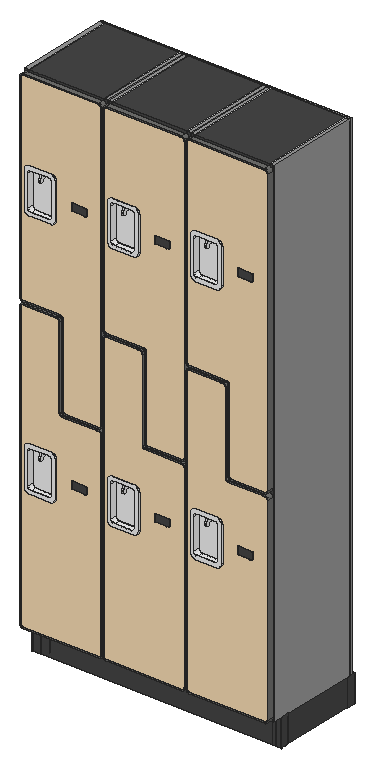
Revit family "Wood_Lockers-Salsbury_Industries-37000_Series-3_Wide_Units", category Specialty Equipment, Revit 2016 (continued)
Definition of nested family "Wood Locker Side Panels-With Slope"
  Automatic sketch dimensions
    plane 12 "Right Side of Wood" to Extrusion 1 sketch curve = 0.125"
    Extrusion 1 sketch curve to Extrusion 1 sketch curve = 0.125"
    plane 12 "Right Side of Wood" to Extrusion 1 sketch curve = 0.03661"
    plane 14 "Top of Wood" to Extrusion 1 sketch curve = 0.125"
Definition of nested family "Wood Locker Double Side Panels-No Slope"
  Parameters (values of type "33330DE - 6' H for 15"D Lockers")
    Width = 29.250"
    Visible = yes
    Version = "1.0 (2/29/16)"
    Type Comments = "Double End Panel for Designer Wood Lockers"
    Model = "33330DE"
    Manufacturer = "Salsbury Industries"
    Laminate Surface = none
    Height = 72.000"
    Door Trim = none
    Description = "For 6' H x 15\" D without Sloping Hood"
    Depth = 0.750"
  Types (11): name | Width | Visible | Version | Type Comments | Model | Manufacturer | Height | Description
    (no name) | 29.250" | yes | "1.0 (2/29/16)" | "Double End Panel for Designer Wood Lockers" | "33330DE" | "Salsbury Industries" | 72.000" | "For 6' H x 15\" D without Sloping Hood"
    33330DE - 6' H for 15"D Lockers | 29.250" | yes | "1.0 (2/29/16)" | "Double End Panel for Designer Wood Lockers" | "33330DE" | "Salsbury Industries" | 72.000" | "For 6' H x 15\" D without Sloping Hood"
    33333DE - 6' H for 18" D Lockers | 35.250" | yes | "1.0 (2/29/16)" | "Double End Panel for Designer Wood Lockers" | "33333DE" | "Salsbury Industries" | 72.000" | "For 6' H x 18\" D without Sloping Hood"
    33335DE - 6' H for 21" D Lockers | 41.250" | yes | "1.0 (2/29/16)" | "Double End Panel for Designer Wood Lockers" | "33335DE" | "Salsbury Industries" | 72.000" | "For 6' H x 21\" D without Sloping Hood"
    22238 - 6' H for 24" D Lockers | 47.250" | yes | "1.0 (2/29/16)" | "Double End Panel for Designer Wood Lockers" | "22238DE" | "Salsbury Industries" | 72.000" | "For 6' H x 24\" D  without Sloping Hood"
    33300DE - 5' H for 15" D Lockers | 29.250" | yes | "1.0 (2/29/16)" | "Double End Panel for Designer Wood Lockers" | "33300DE" | "Salsbury Industries" | 60.000" | "For 5' H x 21\" D without Sloping Hood"
    33303DE - 5' H for 18" D Lockers | 35.250" | yes | "1.0 (2/29/16)" | "Double End Panel for Designer Wood Lockers" | "33303DE" | "Salsbury Industries" | 60.000" | "For 5' H x 18\" D without Sloping Hood"
    33305DE - 5' H for 21" D Lockers | 41.250" | yes | "1.0 (2/29/16)" | "Double End Panel for Designer Wood Lockers" | "33305DE" | "Salsbury Industries" | 60.000" | "For 5' H x 21\" D without Sloping Hood"
    None | 14.000" | no | "" | "" | "" | "" | 72.000" | ""
    22243 - 6' H for 18" D Lockers | 35.250" | yes | "1.0 (2/29/16)" | "Double End Panel for Extra Wide Designer Wood Lockers" | "22243" | "Salsbury Industries" | 72.000" | "For 6' H x 18\" D without Sloping Hood"
    22245 - 6' H for 21" D Lockers | 41.250" | yes | "1.0 (2/29/16)" | "Double End Panel for Extra Wide Designer Wood Lockers" | "22245" | "Salsbury Industries" | 72.000" | "For 6' H x 21\" D without Sloping Hood"
  Reference planes (in)
    plane 1 "Center (Front/Back)": y = 0
    plane 2: z = 0
    plane 3 "Center (Left/Right)": x = 0
    plane 4 "Back": y = 0.375
    plane 5 "Front": y = -0.375
    plane 6 "Left Side": x = -14.625
    plane 7 "Right Side": x = 14.625
    plane 8 "Bottom": z = 0
    plane 9 "Top": z = 72
    plane 10 "Center Elevation": z = 36
    plane 11 "Wood - Laminate Edge": y = -0.344
    plane 12 "Right Side of Wood": x = 14.5
    plane 13 "Left Side of Wood": x = -14.5
    plane 14 "Top of Wood": z = 71.875
    plane 15 "Bottom of Wood": z = 0.125
  Forms (in)
    Extrusion 1, solid, visible <- "Visible"
      sketch origin (0, 0.375, 0) x (1, 0, 0) y (0, 0, 1)
        loop
          line (-14.5, 71.75) -> (-14.5, 0.25)
          arc (-14.5, 0.25) -> (-14.4633883, 0.1616117) -> (-14.375, 0.125) r 0.125
          line (-14.375, 0.125) -> (14.375, 0.125)
          arc (14.375, 0.125) -> (14.4633883, 0.1616117) -> (14.5, 0.25) r 0.125
          line (14.5, 0.25) -> (14.5, 71.75)
          arc (14.5, 71.75) -> (14.4633883, 71.8383883) -> (14.375, 71.875) r 0.125
          line (14.375, 71.875) -> (-14.375, 71.875)
          arc (-14.375, 71.875) -> (-14.4633883, 71.8383883) -> (-14.5, 71.75) r 0.125
      from 0 to 0.719
    Extrusion 2, solid, material <- "Laminate Surface", visible <- "Visible"
      sketch origin (0, -0.375, 0) x (1, 0, 0) y (0, 0, 1)
        loop
          line (-14.5, 71.75) -> (-14.5, 0.25)
          arc (-14.5, 0.25) -> (-14.4633883, 0.1616117) -> (-14.375, 0.125) r 0.125
          line (-14.375, 0.125) -> (14.375, 0.125)
          arc (14.375, 0.125) -> (14.4633883, 0.1616117) -> (14.5, 0.25) r 0.125
          line (14.5, 0.25) -> (14.5, 71.75)
          arc (14.5, 71.75) -> (14.4633883, 71.8383883) -> (14.375, 71.875) r 0.125
          line (14.375, 71.875) -> (-14.375, 71.875)
          arc (-14.375, 71.875) -> (-14.4633883, 71.8383883) -> (-14.5, 71.75) r 0.125
      from -0.031 to 0
    Sweep 3, solid, material <- "Door Trim", visible <- "Visible"
      path origin (0, -0.375, 0) x (1, 0, 0) y (0, 0, 1)
        loop
          line (-14.5, 71.75) -> (-14.5, 0.25)
          arc (-14.5, 0.25) -> (-14.4633883, 0.1616117) -> (-14.375, 0.125) r 0.125
          line (-14.375, 0.125) -> (14.375, 0.125)
          arc (14.375, 0.125) -> (14.4633883, 0.1616117) -> (14.5, 0.25) r 0.125
          line (14.5, 0.25) -> (14.5, 71.75)
          arc (14.5, 71.75) -> (14.4633883, 71.8383883) -> (14.375, 71.875) r 0.125
          line (14.375, 71.875) -> (-14.375, 71.875)
          arc (-14.375, 71.875) -> (-14.4633883, 71.8383883) -> (-14.5, 71.75) r 0.125
      profile origin (-14.4633883, -0.375, 71.8383883) x (-0.707107, 0, 0.707107) y (0, -1, 0)
        loop
          line (0, 0) -> (0, -0.75) -> (0.125, -0.75) -> (0.125, 0) -> (0, 0)
  Dimensions and locks (in)
    equal spacing: plane 6 "Left Side", plane 3 "Center (Left/Right)", plane 7 "Right Side"
    plane 5 "Front" to plane 1 "Center (Front/Back)" to plane 4 "Back" = 0.375", 0.375"
    "Width": plane 6 "Left Side" to plane 7 "Right Side"
    "Depth": plane 5 "Front" to plane 4 "Back"
    equal spacing: plane 9 "Top", plane 10 "Center Elevation", plane 8 "Bottom"
    "Height": plane 9 "Top" to plane 8 "Bottom"
    locked: plane 5 "Front" to plane 11 "Wood - Laminate Edge" at 0.031
    locked: plane 15 "Bottom of Wood" to plane 8 "Bottom" at 0.125
    locked: plane 12 "Right Side of Wood" to plane 7 "Right Side" at 0.125
    locked: plane 6 "Left Side" to plane 13 "Left Side of Wood" at 0.125
    locked: plane 9 "Top" to plane 14 "Top of Wood" at 0.125
    aligned and locked: level to plane 2
  Automatic sketch dimensions
    plane 13 "Left Side of Wood" to Extrusion 1 sketch curve = 0.000"
    Extrusion 1 sketch curve to plane 15 "Bottom of Wood" = 0.000"
    Extrusion 1 sketch curve to plane 14 "Top of Wood" = 0.000"
    plane 12 "Right Side of Wood" to Extrusion 1 sketch curve = 0.000"
    Extrusion 1 sketch curve to plane 13 "Left Side of Wood" = 0.125"  (x2)
    plane 12 "Right Side of Wood" to Extrusion 1 sketch curve = 0.125"  (x2)
    plane 13 "Left Side of Wood" to Extrusion 2 sketch curve = 0.000"
    Extrusion 2 sketch curve to plane 14 "Top of Wood" = 0.000"
    Extrusion 2 sketch curve to plane 15 "Bottom of Wood" = 0.000"
    plane 12 "Right Side of Wood" to Extrusion 2 sketch curve = 0.000"
    Extrusion 2 sketch curve to plane 13 "Left Side of Wood" = 0.125"  (x2)
    plane 12 "Right Side of Wood" to Extrusion 2 sketch curve = 0.125"
    Extrusion 2 sketch curve to Extrusion 2 sketch curve = 0.125"
    plane 13 "Left Side of Wood" to Sweep 3 sketch curve = 0.000"
    Sweep 3 sketch curve to plane 14 "Top of Wood" = 0.000"
    Sweep 3 sketch curve to plane 15 "Bottom of Wood" = 0.000"
    plane 12 "Right Side of Wood" to Sweep 3 sketch curve = 0.000"
    Sweep 3 sketch curve to plane 13 "Left Side of Wood" = 0.125"  (x2)
    plane 12 "Right Side of Wood" to Sweep 3 sketch curve = 0.125"
    Sweep 3 sketch curve to Sweep 3 sketch curve = 0.125"  (x2)
    Sweep 3 sketch curve to profile plane = 0.000"
    plane 5 "Front" to Sweep 3 sketch curve = 0.000"
    Sweep 3 sketch curve to plane 5 "Front" = 0.750"
Definition of nested family "Wood Locker Double Side Panels-With Slope"
  Parameters (values of type "33339DE - 6' H for 15"D Lockers")
    Width = 29.250"
    Visible = yes
    Version = "1.0 (2/29/16)"
    Type Comments = "Double End Panel for Designer Wood Lockers"
    Slope Height = 5.520"
    Model = "33339DE"
    Manufacturer = "Salsbury Industries"
    Laminate Surface = none
    Height = 72.153"
    Door Trim = none
    Description = "For 6' H x 15\" D Lockers with Sloping Hood"
    Depth = 0.750"
  Types (11): name | Width | Visible | Version | Type Comments | Slope Height | Model | Manufacturer | Height | Description
    (no name) | 29.250" | yes | "1.0 (2/29/16)" | "Double End Panel for Designer Wood Lockers" | 5.520" | "33339DE" | "Salsbury Industries" | 72.153" | "For 6' H x 15\" D Lockers with Sloping Hood"
    33339DE - 6' H for 15"D Lockers | 29.250" | yes | "1.0 (2/29/16)" | "Double End Panel for Designer Wood Lockers" | 5.520" | "33339DE" | "Salsbury Industries" | 72.153" | "For 6' H x 15\" D Lockers with Sloping Hood"
    33334DE - 6' H  for 18" D Lockers | 35.250" | yes | "1.0 (2/29/16)" | "Double End Panel for Designer Wood Lockers" | 6.645" | "33334DE" | "Salsbury Industries" | 72.153" | "For 6' H x 18\" D Lockers with Sloping Hood"
    33336DE - 6' H for 21" D Lockers | 41.250" | yes | "1.0 (2/29/16)" | "Double End Panel for Designer Wood Lockers" | 7.770" | "33336DE" | "Salsbury Industries" | 72.153" | "For 6' H x 21\" D Lockers with Sloping Hood"
    22247 - 6' H for 24" D Lockers | 47.250" | yes | "1.0 (2/29/16)" | "Double End Panel for Designer Wood Lockers" | 8.895" | "22247" | "Salsbury Industrries" | 72.153" | "For 6' H x 24\" D Lockers with Sloping Hood"
    33309DE - 5' H for 15" D Lockers | 29.250" | yes | "1.0 (2/29/16)" | "Double End Panel for Designer Wood Lockers" | 5.520" | "33309DE" | "Salsbury Industries" | 60.153" | "For 5' H x  15\" D Lockers with Sloping Hood"
    33304DE - 5' H for 18" D Lockers | 35.250" | yes | "1.0 (2/29/16)" | "Double End Panel for Designer Wood Lockers" | 6.645" | "33304DE" | "Salsbury Industries" | 60.153" | "For 5' H x 18\" D Lockers with Sloping Hood"
    33306DE - 5' H for 21" D Lockers | 41.250" | yes | "1.0 (2/29/16)" | "Double End Panel for Designer Wood Lockers" | 7.770" | "33306DE" | "Salsbury Industries" | 60.153" | "For 5' H x 21\" D Lockers with Sloping Hood"
    None | 14.000" | no | "" | "" | 5.500" | "" | "" | 72.000" | ""
    22244 - 6' H for 18" D Lockers | 35.250" | yes | "1.0 (2/29/16)" | "Double End Panel for Extra Wide Designer Wood Lockers" | 6.645" | "22244DE" | "Salsbury Industries" | 72.153" | "For 6' H x 18\" D Lockers with Sloping Hood"
    22246 - 6' H for 21" D Lockers | 41.250" | yes | "1.0 (2/29/16)" | "Double End Panel for Extra Wide Designer Wood Lockers" | 7.770" | "22246" | "Salsbury Industries" | 72.153" | "For 6' H x 21\" D Lockers with Sloping Hood"
  Reference planes (in)
    plane 1 "Center (Front/Back)": y = 0
    plane 2: z = 0
    plane 3 "Center (Left/Right)": x = 0
    plane 4 "Back": y = 0.375
    plane 5 "Front": y = -0.375
    plane 6 "Left Side": x = -14.625
    plane 7 "Right Side": x = 14.625
    plane 8 "Bottom": z = 0
    plane 9 "Top": z = 72.153
    plane 10 "Center Elevation": z = 36.0765
    plane 11 "Wood - Laminate Edge": y = -0.344
    plane 12 "Right Side of Wood": x = 14.5
    plane 13 "Left Side of Wood": x = -14.5
    plane 14 "Top of Wood": z = 72.028
    plane 15 "Bottom of Wood": z = 0.125
    plane 16: z = 77.673
    plane 17: z = 77.548
  Forms (in)
    Extrusion 1, solid, visible <- "Visible"
      sketch origin (0, 0.375, 0) x (1, 0, 0) y (0, 0, 1)
        loop
          line (14.5, 0.25) -> (14.5, 71.903)
          arc (14.5, 71.903) -> (14.4904849, 71.9508354) -> (14.4633883, 71.9913883) r 0.125
          line (14.4633883, 71.9913883) -> (0.1722396, 77.5387299)
          arc (0.1722396, 77.5387299) -> (0.1490703, 77.5456606) -> (0.125, 77.548) r 0.125
          line (0.125, 77.548) -> (-0.125, 77.548)
          arc (-0.125, 77.548) -> (-0.1490703, 77.5456606) -> (-0.1722396, 77.5387299) r 0.125
          line (-0.1722396, 77.5387299) -> (-14.4633883, 71.9913883)
          arc (-14.4633883, 71.9913883) -> (-14.4904849, 71.9508354) -> (-14.5, 71.903) r 0.125
          line (-14.5, 71.903) -> (-14.5, 0.25)
          arc (-14.5, 0.25) -> (-14.4633883, 0.1616117) -> (-14.375, 0.125) r 0.125
          line (-14.375, 0.125) -> (14.375, 0.125)
          arc (14.375, 0.125) -> (14.4633883, 0.1616117) -> (14.5, 0.25) r 0.125
      from 0 to 0.719
    Extrusion 2, solid, material <- "Laminate Surface", visible <- "Visible"
      sketch origin (0, -0.375, 0) x (1, 0, 0) y (0, 0, 1)
        loop
          line (14.5, 0.25) -> (14.5, 71.903)
          arc (14.5, 71.903) -> (14.4904849, 71.9508354) -> (14.4633883, 71.9913883) r 0.125
          line (14.4633883, 71.9913883) -> (0.1722396, 77.5387299)
          arc (0.1722396, 77.5387299) -> (0.1490703, 77.5456606) -> (0.125, 77.548) r 0.125
          line (0.125, 77.548) -> (-0.125, 77.548)
          arc (-0.125, 77.548) -> (-0.1490703, 77.5456606) -> (-0.1722396, 77.5387299) r 0.125
          line (-0.1722396, 77.5387299) -> (-14.4633883, 71.9913883)
          arc (-14.4633883, 71.9913883) -> (-14.4904849, 71.9508354) -> (-14.5, 71.903) r 0.125
          line (-14.5, 71.903) -> (-14.5, 0.25)
          arc (-14.5, 0.25) -> (-14.4633883, 0.1616117) -> (-14.375, 0.125) r 0.125
          line (-14.375, 0.125) -> (14.375, 0.125)
          arc (14.375, 0.125) -> (14.4633883, 0.1616117) -> (14.5, 0.25) r 0.125
      from -0.031 to 0
    Sweep 3, solid, material <- "Door Trim", visible <- "Visible"
      path origin (0, -0.375, 0) x (1, 0, 0) y (0, 0, 1)
        loop
          line (0.125, 77.548) -> (-0.125, 77.548)
          arc (-0.125, 77.548) -> (-0.1490703, 77.5456606) -> (-0.1722396, 77.5387299) r 0.125
          line (-0.1722396, 77.5387299) -> (-14.4633883, 71.9913883)
          arc (-14.4633883, 71.9913883) -> (-14.4904849, 71.9508354) -> (-14.5, 71.903) r 0.125
          line (-14.5, 71.903) -> (-14.5, 0.25)
          arc (-14.5, 0.25) -> (-14.4633883, 0.1616117) -> (-14.375, 0.125) r 0.125
          line (-14.375, 0.125) -> (14.375, 0.125)
          arc (14.375, 0.125) -> (14.4633883, 0.1616117) -> (14.5, 0.25) r 0.125
          line (14.5, 0.25) -> (14.5, 71.903)
          arc (14.5, 71.903) -> (14.4904849, 71.9508354) -> (14.4633883, 71.9913883) r 0.125
          line (14.4633883, 71.9913883) -> (0.1722396, 77.5387299)
          arc (0.1722396, 77.5387299) -> (0.1490703, 77.5456606) -> (0.125, 77.548) r 0.125
      profile origin (0.1490703, -0.375, 77.5456606) x (0.192562, 0, 0.981285) y (0, -1, 0)
        loop
          line (0, 0) -> (0, -0.75) -> (0.125, -0.75) -> (0.125, 0) -> (0, 0)
  Dimensions and locks (in)
    equal spacing: plane 6 "Left Side", plane 3 "Center (Left/Right)", plane 7 "Right Side"
    plane 5 "Front" to plane 1 "Center (Front/Back)" to plane 4 "Back" = 0.375", 0.375"
    "Width": plane 6 "Left Side" to plane 7 "Right Side"
    "Depth": plane 5 "Front" to plane 4 "Back"
    equal spacing: plane 9 "Top", plane 10 "Center Elevation", plane 8 "Bottom"
    "Height": plane 9 "Top" to plane 8 "Bottom"
    locked: plane 5 "Front" to plane 11 "Wood - Laminate Edge" at 0.031
    locked: plane 15 "Bottom of Wood" to plane 8 "Bottom" at 0.125
    locked: plane 12 "Right Side of Wood" to plane 7 "Right Side" at 0.125
    locked: plane 6 "Left Side" to plane 13 "Left Side of Wood" at 0.125
    locked: plane 9 "Top" to plane 14 "Top of Wood" at 0.125
    "Slope Height": plane 16 to plane 9 "Top"
    locked: plane 16 to plane 17 at 0.125
    aligned and locked: level to plane 2
  Automatic sketch dimensions
    Sweep 3 sketch curve to profile plane = 0.000"
    Sweep 3 sketch curve to plane 5 "Front" = 0.000"
    Sweep 3 sketch curve to Sweep 3 sketch curve = 0.125"  (x2)
    Sweep 3 sketch curve to plane 5 "Front" = 0.750"
    plane 13 "Left Side of Wood" to Sweep 3 sketch curve = 0.000"
    Sweep 3 sketch curve to plane 15 "Bottom of Wood" = 0.000"
    Sweep 3 sketch curve to plane 17 = 0.000"
    plane 12 "Right Side of Wood" to Sweep 3 sketch curve = 0.000"
    Sweep 3 sketch curve to plane 13 "Left Side of Wood" = 0.03661"
    Sweep 3 sketch curve to plane 13 "Left Side of Wood" = 0.125"  (x2)
    plane 17 to Sweep 3 sketch curve = 0.00927"  (x2)
    Sweep 3 sketch curve to plane 3 "Center (Left/Right)" = 0.17224"
    Sweep 3 sketch curve to plane 3 "Center (Left/Right)" = 0.125"
    plane 3 "Center (Left/Right)" to Sweep 3 sketch curve = 0.125"
    Sweep 3 sketch curve to Sweep 3 sketch curve = 0.04724"
    plane 12 "Right Side of Wood" to Sweep 3 sketch curve = 0.125"
    plane 12 "Right Side of Wood" to Sweep 3 sketch curve = 0.03661"
    plane 14 "Top of Wood" to Sweep 3 sketch curve = 0.125"  (x2)
    plane 13 "Left Side of Wood" to Extrusion 2 sketch curve = 0.000"
    Extrusion 2 sketch curve to plane 15 "Bottom of Wood" = 0.000"
    Extrusion 2 sketch curve to plane 17 = 0.000"
    plane 12 "Right Side of Wood" to Extrusion 2 sketch curve = 0.000"
    Extrusion 2 sketch curve to plane 13 "Left Side of Wood" = 0.03661"
    Extrusion 2 sketch curve to plane 13 "Left Side of Wood" = 0.125"  (x2)
    plane 17 to Extrusion 2 sketch curve = 0.00927"  (x2)
    Extrusion 2 sketch curve to plane 3 "Center (Left/Right)" = 0.17224"
    Extrusion 2 sketch curve to Extrusion 2 sketch curve = 0.04724"  (x2)
    plane 3 "Center (Left/Right)" to Extrusion 2 sketch curve = 0.125"
    plane 12 "Right Side of Wood" to Extrusion 2 sketch curve = 0.125"
    Extrusion 2 sketch curve to Extrusion 2 sketch curve = 0.125"
    plane 12 "Right Side of Wood" to Extrusion 2 sketch curve = 0.03661"
    plane 14 "Top of Wood" to Extrusion 2 sketch curve = 0.125"  (x2)
    plane 13 "Left Side of Wood" to Extrusion 1 sketch curve = 0.000"
    Extrusion 1 sketch curve to plane 15 "Bottom of Wood" = 0.000"
    Extrusion 1 sketch curve to plane 17 = 0.000"
    plane 12 "Right Side of Wood" to Extrusion 1 sketch curve = 0.000"
    Extrusion 1 sketch curve to plane 13 "Left Side of Wood" = 0.03661"
    Extrusion 1 sketch curve to plane 13 "Left Side of Wood" = 0.125"  (x2)
    plane 17 to Extrusion 1 sketch curve = 0.00927"  (x2)
    Extrusion 1 sketch curve to plane 3 "Center (Left/Right)" = 0.17224"
    Extrusion 1 sketch curve to Extrusion 1 sketch curve = 0.04724"  (x2)
    plane 3 "Center (Left/Right)" to Extrusion 1 sketch curve = 0.125"
    Extrusion 1 sketch curve to Extrusion 1 sketch curve = 0.125"  (x2)
    plane 12 "Right Side of Wood" to Extrusion 1 sketch curve = 0.03661"
    plane 14 "Top of Wood" to Extrusion 1 sketch curve = 0.125"  (x2)
Definition of nested family "Wood Locker Front Fillers"
  Parameters (values of type "33367 - 15" W for 6'H Lockers without Base")
    Width = 15.000"
    Visible Base = no
    Visible = yes
    Version = "1.0 (2/29/16)"
    Type Comments = "Front Vertical Filler for Designer Wood Lockers"
    Model = "33367"
    Manufacturer = "Salsbury Industries"
    Laminate Surface = none
    Height = 72.000"
    Description = "For 6' H Lockers"
    Depth = 0.750"
    Base Height = 0.000"
  Types (18): name | Width | Visible Base | Visible | Version | Type Comments | Model | Manufacturer | Height | Description | Base Height
    (no name) | 15.000" | no | yes | "1.0 (2/29/16)" | "Front Vertical Filler for Designer Wood Lockers" | "33367" | "Salsbury Industries" | 72.000" | "For 6' H Lockers" | 0.000"
    33367 - 15"W for 6' H Lockers with Base | 15.000" | yes | yes | "1.0 (2/29/16)" | "Front Vertical Filler for Designer Wood Lockers" | "33367" | "Salsbury Industries" | 72.000" | "For 6' H Lockers" | 4.000"
    None | 15.000" | no | no | "" | "" | "" | "" | 72.000" | "" | 4.000"
    33369 - 9" W for 6' H Lockers with Base | 9.000" | yes | yes | "1.0 (2/29/16)" | "Front Vertical Filler for Designer Wood Lockers" | "33369" | "Salsbury Industries" | 72.000" | "For 6' H Lockers" | 4.000"
    33367 - 15" W for 5' H Lockers with Base | 15.000" | yes | yes | "1.0 (2/29/16)" | "Front Vertical Filler for Designer Wood Lockers" | "33367" | "Salsbury Industries" | 60.000" | "For 5' H Lockers" | 4.000"
    33369 - 9" W for 5' H Lockers with Base | 9.000" | yes | yes | "1.0 (2/29/16)" | "Front Vertical Filler for Designer Wood Lockers" | "33369" | "Salsbury Industries" | 60.000" | "For 5' H Lockers" | 4.000"
    22265 - 15" W for 6' H Lockers with Base | 15.000" | yes | yes | "1.0 (2/29/16)" | "Front Vertical Filler for Extra Wide Designer Wood Lockers" | "22265" | "Salsbury Industries" | 72.000" | "For 6' H Lockers" | 4.000"
    22265 - 15" W for 5' H Lockers with Base | 15.000" | yes | yes | "1.0 (2/29/16)" | "Front Vertical Filler for Extra Wide Designer Wood Lockers" | "22265" | "Salsbury Industries" | 60.000" | "For 5' H Lockers" | 4.000"
    22269 - 9" W for 6' H Lockers with Base | 9.000" | yes | yes | "1.0 (2/29/16)" | "Front Vertical Filler for Extra Wide Designer Wood Lockers" | "22269" | "Salsbury Industries" | 72.000" | "For 6' H Lockers" | 4.000"
    22269 - 9" W for 5' H Lockers with Base | 9.000" | yes | yes | "1.0 (2/29/16)" | "Front Vertical Filler for Extra Wide Designer Wood Lockers" | "22269" | "Salsbury Industries" | 60.000" | "For 5' H Lockers" | 4.000"
    33367 - 15" W for 6'H Lockers without Base | 15.000" | no | yes | "1.0 (2/29/16)" | "Front Vertical Filler for Designer Wood Lockers" | "33367" | "Salsbury Industries" | 72.000" | "For 6' H Lockers" | 0.000"
    33367 - 15" W for 5' H Lockers without Base | 15.000" | no | yes | "1.0 (2/29/16)" | "Front Vertical Filler for Designer Wood Lockers" | "33367" | "Salsbury Industries" | 60.000" | "For 5' H Lockers" | 0.000"
    33369 - 9" W for 5' H Lockers without Base | 9.000" | no | yes | "1.0 (2/29/16)" | "Front Vertical Filler for Designer Wood Lockers" | "33369" | "Salsbury Industries" | 60.000" | "For 5' H Lockers" | 0.000"
    33369 - 9" W for 6' H Lockers without Base | 9.000" | no | yes | "1.0 (2/29/16)" | "Front Vertical Filler for Designer Wood Lockers" | "33369" | "Salsbury Industries" | 72.000" | "For 6' H Lockers" | 0.000"
    22269 - 9" W for 6' H Lockers without Base | 9.000" | no | yes | "1.0 (2/29/16)" | "Front Vertical Filler for Extra Wide Designer Wood Lockers" | "22269" | "Salsbury Industries" | 72.000" | "For 6' H Lockers" | 0.000"
    22269 - 9" W for 5' H Lockers without Base | 9.000" | no | yes | "1.0 (2/29/16)" | "Front Vertical Filler for Extra Wide Designer Wood Lockers" | "22269" | "Salsbury Industries" | 60.000" | "For 5' H Lockers" | 0.000"
    22265 - 15" W for 6' H Lockers without Base | 15.000" | no | yes | "1.0 (2/29/16)" | "Front Vertical Filler for Extra Wide Designer Wood Lockers" | "22265" | "Salsbury Industries" | 72.000" | "For 6' H Lockers" | 0.000"
    22265 - 15" W for 5' H Lockers without Base | 15.000" | no | yes | "1.0 (2/29/16)" | "Front Vertical Filler for Extra Wide Designer Wood Lockers" | "22265" | "Salsbury Industries" | 60.000" | "For 5' H Lockers" | 0.000"
  Reference planes (in)
    plane 1 "Center (Front/Back)": y = 0
    plane 2: z = 0
    plane 3 "Center (Left/Right)": x = 0
    plane 4 "Back": y = 0.375
    plane 5 "Front": y = -0.375
    plane 6 "Left Side": x = -7.5
    plane 7 "Right Side": x = 7.5
    plane 8 "Bottom": z = 0
    plane 9 "Top": z = 72
    plane 10 "Center Elevation": z = 36
    plane 11 "Wood - Laminate Edge": y = -0.344
    plane 12 "Right Side of Wood": x = 7.375
    plane 13 "Left Side of Wood": x = -7.375
    plane 14 "Top of Wood": z = 71.875
    plane 15 "Bottom of Wood": z = 0.125
    plane 16 "Front of Base Filler": y = 1
  Forms (in)
    Extrusion 1, solid, visible <- "Visible"
      sketch origin (0, 0.375, 0) x (1, 0, 0) y (0, 0, 1)
        loop
          line (7.5, 72) -> (-7.5, 72) -> (-7.5, 0) -> (7.5, 0) -> (7.5, 72)
      from 0 to 0.719
    Extrusion 2, solid, material <- "Laminate Surface", visible <- "Visible"
      sketch origin (0, -0.375, 0) x (1, 0, 0) y (0, 0, 1)
        loop
          line (-7.5, 72) -> (-7.5, 0) -> (7.5, 0) -> (7.5, 72) -> (-7.5, 72)
      from -0.031 to 0
    Extrusion 3, solid, visible <- "Visible Base"
      sketch origin (0, 0, 0) x (1, 0, 0) y (0, 1, 0)
        loop
          line (-7.5, 1.75) -> (-7.5, 0.375) -> (7.5, 0.375) -> (7.5, 1.75) -> (-7.5, 1.75)
      from 0 to 0.75
    Extrusion 4, solid, visible <- "Visible Base"
      sketch origin (0, 0, 0) x (1, 0, 0) y (0, 1, 0)
        loop
          line (-7.5, 1.75) -> (-7.5, 1) -> (7.5, 1) -> (7.5, 1.75) -> (-7.5, 1.75)
      from 0 to -4
  Dimensions and locks (in)
    equal spacing: plane 6 "Left Side", plane 3 "Center (Left/Right)", plane 7 "Right Side"
    plane 5 "Front" to plane 1 "Center (Front/Back)" to plane 4 "Back" = 0.375", 0.375"
    "Width": plane 6 "Left Side" to plane 7 "Right Side"
    "Depth": plane 5 "Front" to plane 4 "Back"
    equal spacing: plane 9 "Top", plane 10 "Center Elevation", plane 8 "Bottom"
    locked: plane 5 "Front" to plane 11 "Wood - Laminate Edge" at 0.031
    locked: plane 15 "Bottom of Wood" to plane 8 "Bottom" at 0.125
    locked: plane 12 "Right Side of Wood" to plane 7 "Right Side" at 0.125
    locked: plane 6 "Left Side" to plane 13 "Left Side of Wood" at 0.125
    locked: plane 9 "Top" to plane 14 "Top of Wood" at 0.125
    locked: plane 5 "Front" to plane 16 "Front of Base Filler" at 1.375
    "Base Height": plane 8 "Bottom" to plane 2
    "Height": plane 9 "Top" to plane 8 "Bottom"
    aligned and locked: level to plane 2
    aligned and locked: plane 8 "Bottom" to Extrusion 1
  Automatic sketch dimensions
    plane 6 "Left Side" to Extrusion 1 sketch curve = 0.000"
    plane 7 "Right Side" to Extrusion 1 sketch curve = 0.000"
    level to Extrusion 1 sketch curve = 0.000"
    Extrusion 1 sketch curve to plane 9 "Top" = 0.000"
    plane 6 "Left Side" to Extrusion 2 sketch curve = 0.000"
    plane 7 "Right Side" to Extrusion 2 sketch curve = 0.000"
    plane 15 "Bottom of Wood" to Extrusion 2 sketch curve = 0.125"
    Extrusion 2 sketch curve to plane 9 "Top" = 0.000"
    plane 4 "Back" to Extrusion 3 sketch curve = 0.000"
    Extrusion 3 sketch curve to plane 6 "Left Side" = 0.000"
    Extrusion 3 sketch curve to plane 7 "Right Side" = 0.000"
    Extrusion 3 sketch curve to plane 16 "Front of Base Filler" = 0.750"
    Extrusion 4 sketch curve to plane 6 "Left Side" = 0.000"
    Extrusion 4 sketch curve to plane 7 "Right Side" = 0.000"
    plane 16 "Front of Base Filler" to Extrusion 4 sketch curve = 0.000"
    Extrusion 4 sketch curve to plane 16 "Front of Base Filler" = 0.750"
Definition of nested family "Wood Locker Front Corner Filler"
  Parameters (values of type "33364 - for 6' H Lockers with Base")
    Width = 2.250"
    Visible Base = yes
    Visible = yes
    Version = "1.0 (2/29/16)"
    Type Comments = "Front Vertical Corner Filler for Designer Wood Lockers"
    Model = "33364"
    Manufacturer = "Salsbury Industries"
    Height = 72.000"
    Description = "For 6' H Lockers"
    Depth = 0.750"
    Base Height = 4.000"
  Types (10): name | Visible Base | Visible | Version | Type Comments | Model | Manufacturer | Height | Description | Base Height
    (no name) | yes | yes | "1.0 (2/29/16)" | "Front Vertical Corner Filler for Designer Wood Lockers" | "33364" | "Salsbury Industries" | 72.000" | "For 6' H Lockers" | 4.000"
    33364 - for 6' H Lockers with Base | yes | yes | "1.0 (2/29/16)" | "Front Vertical Corner Filler for Designer Wood Lockers" | "33364" | "Salsbury Industries" | 72.000" | "For 6' H Lockers" | 4.000"
    None | no | no | "" | "" | "" | "" | 72.000" | "" | 4.000"
    33364 - for 5' H Lockers with Base | yes | yes | "1.0 (2/29/16)" | "Front Vertical Corner Filler for Designer Wood Lockers" | "33364" | "Salsbury Industries" | 60.000" | "For 5' H Lockers" | 4.000"
    22264 - for 6' H Lockers with Base | yes | yes | "1.0 (2/29/16)" | "Front Vertical Corner Filler for Extra Wide Designer Wood Lockers" | "22264" | "Salsbury Industries" | 72.000" | "For 6' H Lockers" | 4.000"
    22264 - for 5' H Lockers with Base | yes | yes | "1.0 (2/29/16)" | "Front Vertical Corner Filler for Extra Wide Designer Wood Lockers" | "22264" | "Salsbury Industries" | 60.000" | "For 5' H Lockers" | 4.000"
    33364 - for 6'H Lockers without Base | no | yes | "1.0 (2/29/16)" | "Front Vertical Corner Filler for Designer Wood Lockers" | "33364" | "Salsbury Industries" | 72.000" | "For 6' H Lockers" | 0.000"
    33364 - for 5' H Lockers without Base | no | yes | "1.0 (2/29/16)" | "Front Vertical Corner Filler for Designer Wood Lockers" | "33364" | "Salsbury Industries" | 60.000" | "For 5' H Lockers" | 0.000"
    22264 - for 6' H Lockers without Base | no | yes | "1.0 (2/29/16)" | "Front Vertical Corner Filler for Extra Wide Designer Wood Lockers" | "22264" | "Salsbury Industries" | 72.000" | "For 6' H Lockers" | 0.000"
    22264 - for 5' H Lockers without Base | no | yes | "1.0 (2/29/16)" | "Front Vertical Corner Filler for Extra Wide Designer Wood Lockers" | "22264" | "Salsbury Industries" | 60.000" | "For 5' H Lockers" | 0.000"
  Reference planes (in)
    plane 1 "Center (Front/Back)": y = 0
    plane 2 "Bottom of Base": z = 0
    plane 3 "Center (Left/Right)": x = 0
    plane 4 "Back": y = 0.375
    plane 5 "Front": y = -0.375
    plane 6 "Left Side": x = -1.125
    plane 7 "Right Side": x = 1.125
    plane 8 "Bottom": z = 4
    plane 9 "Top": z = 76
    plane 10 "Center Elevation": z = 40
    plane 11 "Wood - Laminate Edge": y = -0.344
    plane 12 "Right Side of Wood": x = 1
    plane 13 "Left Side of Wood": x = -1
    plane 14 "Top of Wood": z = 75.875
    plane 15 "Bottom of Wood": z = 4.125
    plane 16 "Front of Base Filler": y = 1
  Forms (in)
    Extrusion 1, solid, visible <- "Visible"
      sketch origin (0, 0.375, 0) x (1, 0, 0) y (0, 0, 1)
        loop
          line (1.125, 76) -> (-1.156, 76) -> (-1.156, 4) -> (1.125, 4) -> (1.125, 76)
      from 0 to 0.719
    Extrusion 2, solid, visible <- "Visible"
      sketch origin (0, -0.375, 0) x (1, 0, 0) y (0, 0, 1)
        loop
          line (-1.125, 76) -> (-1.125, 4) -> (1.125, 4) -> (1.125, 76) -> (-1.125, 76)
      from -0.031 to 0
    Extrusion 3, solid, visible <- "Visible"
      sketch origin (-1.875, -1.5, 0) x (0, 1, 0) y (0, 0, 1)
        loop
          line (1.875, 76) -> (-1.125, 76) -> (-1.125, 4) -> (1.875, 4) -> (1.875, 76)
      from 0 to 0.719
    Extrusion 4, solid, visible <- "Visible"
      sketch origin (-1.125, -1.5, 0) x (0, 1, 0) y (0, 0, 1)
        loop
          line (-1.125, 76) -> (-1.125, 4) -> (1.156, 4) -> (1.156, 76) -> (-1.125, 76)
      from -0.031 to 0
    Extrusion 5, solid, visible <- "Visible Base"
      sketch origin (0, 0, 0) x (1, 0, 0) y (0, 1, 0)
        loop
          line (-3.25, 1.75) -> (-3.25, -2.625) -> (-1.875, -2.625) -> (-1.875, 1.75) -> (-3.25, 1.75)
      from 4 to 4.75
    Extrusion 6, solid, visible <- "Visible Base"
      sketch origin (0, 0, 0) x (1, 0, 0) y (0, 1, 0)
        loop
          line (-1.875, 1.75) -> (-1.875, 0.375) -> (1.125, 0.375) -> (1.125, 1.75) -> (-1.875, 1.75)
      from 4 to 4.75
    Extrusion 7, solid, visible <- "Visible Base"
      sketch origin (0, 0, 0) x (1, 0, 0) y (0, 1, 0)
        loop
          line (1.125, 1.75) -> (-2.4340698, 1.75) -> (-2.4340698, 1) -> (1.125, 1) -> (1.125, 1.75)
      from 0 to 4
    Extrusion 8, solid, visible <- "Visible Base"
      sketch origin (0, 0, 0) x (1, 0, 0) y (0, 1, 0)
        loop
          line (-3.25, 1.75) -> (-3.25, -2.625) -> (-2.4340698, -2.625) -> (-2.4340698, 1.75) -> (-3.25, 1.75)
      from 0 to 4
  Dimensions and locks (in)
    equal spacing: plane 6 "Left Side", plane 3 "Center (Left/Right)", plane 7 "Right Side"
    plane 5 "Front" to plane 1 "Center (Front/Back)" to plane 4 "Back" = 0.375", 0.375"
    "Width": plane 6 "Left Side" to plane 7 "Right Side"
    "Depth": plane 5 "Front" to plane 4 "Back"
    equal spacing: plane 9 "Top", plane 10 "Center Elevation", plane 8 "Bottom"
    "Height": plane 9 "Top" to plane 8 "Bottom"
    locked: plane 5 "Front" to plane 11 "Wood - Laminate Edge" at 0.031
    locked: plane 15 "Bottom of Wood" to plane 8 "Bottom" at 0.125
    locked: plane 12 "Right Side of Wood" to plane 7 "Right Side" at 0.125
    locked: plane 6 "Left Side" to plane 13 "Left Side of Wood" at 0.125
    locked: plane 9 "Top" to plane 14 "Top of Wood" at 0.125
    locked: plane 5 "Front" to plane 16 "Front of Base Filler" at 1.375
    "Base Height": plane 8 "Bottom" to plane 2 "Bottom of Base"
    aligned and locked: level to plane 2 "Bottom of Base"
    aligned and locked: plane 8 "Bottom" to Extrusion 1
    aligned and locked: Extrusion 7 to Extrusion 5
    aligned and locked: Extrusion 8 to Extrusion 5
    aligned and locked: Extrusion 7 to Extrusion 8
  Automatic sketch dimensions
    Extrusion 1 sketch curve to plane 9 "Top" = 0.000"
    Extrusion 1 sketch curve to plane 8 "Bottom" = 0.000"
    plane 7 "Right Side" to Extrusion 1 sketch curve = 0.000"
    plane 6 "Left Side" to Extrusion 1 sketch curve = 0.031"
    plane 6 "Left Side" to Extrusion 2 sketch curve = 0.000"
    plane 7 "Right Side" to Extrusion 2 sketch curve = 0.000"
    Extrusion 2 sketch curve to plane 8 "Bottom" = 0.000"
    Extrusion 2 sketch curve to plane 9 "Top" = 0.000"
    plane 9 "Top" to Extrusion 3 sketch curve = 0.000"
    plane 8 "Bottom" to Extrusion 3 sketch curve = 0.000"
    Extrusion 3 sketch curve to plane 4 "Back" = 0.000"
    plane 5 "Front" to Extrusion 3 sketch curve = 2.250"
    plane 8 "Bottom" to Extrusion 4 sketch curve = 0.000"
    plane 9 "Top" to Extrusion 4 sketch curve = 0.000"
    Extrusion 4 sketch curve to plane 11 "Wood - Laminate Edge" = 0.000"
    plane 5 "Front" to Extrusion 4 sketch curve = 2.250"
    plane 6 "Left Side" to Extrusion 5 sketch curve = 2.125"
    plane 6 "Left Side" to Extrusion 5 sketch curve = 0.750"
    plane 5 "Front" to Extrusion 5 sketch curve = 2.250"
    Extrusion 5 sketch curve to plane 16 "Front of Base Filler" = 0.750"
    plane 16 "Front of Base Filler" to Extrusion 7 sketch curve = 0.000"
    Extrusion 7 sketch curve to plane 7 "Right Side" = 0.000"
    plane 6 "Left Side" to Extrusion 7 sketch curve = 1.30907"
    Extrusion 7 sketch curve to plane 16 "Front of Base Filler" = 0.750"
    plane 6 "Left Side" to Extrusion 8 sketch curve = 2.125"
    Extrusion 8 sketch curve to Extrusion 8 sketch curve = 0.81593"
    plane 5 "Front" to Extrusion 8 sketch curve = 2.250"
    Extrusion 8 sketch curve to plane 16 "Front of Base Filler" = 0.750"
    plane 4 "Back" to Extrusion 6 sketch curve = 0.000"
    Extrusion 6 sketch curve to plane 7 "Right Side" = 0.000"
    plane 6 "Left Side" to Extrusion 6 sketch curve = 0.750"
    Extrusion 6 sketch curve to plane 16 "Front of Base Filler" = 0.750"
Definition of nested family "Wood Locker Sloping In-Line Fillers"
  Parameters (values of type "33387 - 15" W for 15" D Lockers")
    Width = 15.000"
    Visible = yes
    Version = "1.0 (2/29/16)"
    Type Comments = "Sloping Hood In-Line Filler for Designer Wood Lockers"
    Model = "33387"
    Manufacturer = "Salsbury Industries"
    Laminate Surface = none
    Height = 5.500"
    Description = "For 15\" D Lockers"
    Depth = 14.000"
  Types (14): name | Width | Visible | Version | Type Comments | Model | Manufacturer | Height | Description | Depth
    (no name) | 15.000" | yes | "1.0 (2/29/16)" | "Sloping Hood In-Line Filler for Designer Wood Lockers" | "33387" | "Salsbury Industries" | 5.500" | "For 15\" D Lockers" | 14.000"
    33387 - 15" W for 15" D Lockers | 15.000" | yes | "1.0 (2/29/16)" | "Sloping Hood In-Line Filler for Designer Wood Lockers" | "33387" | "Salsbury Industries" | 5.500" | "For 15\" D Lockers" | 14.000"
    33388 - 15" W for 18" D Lockers | 15.000" | yes | "1.0 (2/29/16)" | "Sloping Hood In-Line Filler for Designer Wood Lockers" | "33388" | "Salsbury Industries" | 6.625" | "For 18\" D Lockers" | 17.000"
    33381 - 15" W for 21" D Lockers | 15.000" | yes | "1.0 (2/29/16)" | "Sloping Hood In-Line Filler for Designer Wood Lockers" | "33381" | "Salsbury Industries" | 7.750" | "For 21\" D Lockers" | 20.000"
    None | 12.000" | no | "" | "" | "" | "" | 5.500" | "" | 14.000"
    22289 - 15" W for 24" D Lockers | 15.000" | yes | "1.0 (2/29/16)" | "Sloping Hood In-Line Filler for Designer Wood Lockers" | "22289" | "Salsbury Industries" | 8.875" | "For 24\" D Lockers" | 23.000"
    22288 - 15" W for 18" D Lockers | 15.000" | yes | "1.0 (2/29/16)" | "Sloping Hood In-Line Filler for Extra Wide Designer Wood Lockers" | "22288" | "Salsbury Industries" | 6.625" | "For 18\" D Lockers" | 17.000"
    22281 - 15" W for 21" D Lockers | 15.000" | yes | "1.0 (2/29/16)" | "Sloping Hood In-Line Filler for Extra Wide Designer Wood Lockers" | "22281" | "Salsbury Industries" | 7.750" | "For 21\" D Lockers" | 20.000"
    33388 - 9" W for 18" D Lockers | 9.000" | yes | "1.0 (2/29/16)" | "Sloping Hood In-Line Filler for Designer Wood Lockers" | "33388" | "Salsbury Industries" | 6.625" | "For 18\" D Lockers" | 17.000"
    33387 - 9" W for 15" D Lockers | 9.000" | yes | "1.0 (2/29/16)" | "Sloping Hood In-Line Filler for Designer Wood Lockers" | "33387" | "Salsbury Industries" | 5.500" | "For 15\" D Lockers" | 14.000"
    33381 - 9" W for 21" D Lockers | 9.000" | yes | "1.0 (2/29/16)" | "Sloping Hood In-Line Filler for Designer Wood Lockers" | "33381" | "Salsbury Industries" | 7.750" | "For 21\" D Lockers" | 20.000"
    22289 - 9" W for 24" D Lockers | 9.000" | yes | "1.0 (2/29/16)" | "Sloping Hood In-Line Filler for Designer Wood Lockers" | "22289" | "Salsbury Industries" | 8.875" | "For 24\" D Lockers" | 23.000"
    22288 - 9" W for 18" D Lockers | 9.000" | yes | "1.0 (2/29/16)" | "Sloping Hood In-Line Filler for Extra Wide Designer Wood Lockers" | "22288" | "Salsbury Industries" | 6.625" | "For 18\" D Lockers" | 17.000"
    22281 - 9" W for 21" D Lockers | 9.000" | yes | "1.0 (2/29/16)" | "Sloping Hood In-Line Filler for Extra Wide Designer Wood Lockers" | "22281" | "Salsbury Industries" | 7.750" | "For 21\" D Lockers" | 20.000"
  Reference planes (in)
    plane 1 "Center (Front/Back)": y = 0
    plane 2: z = 0
    plane 3 "Center (Left/Right)": x = 0
    plane 4 "Front of Hood": y = -7
    plane 5 "Back of Hood": y = 7
    plane 6 "Right Side of Hood": x = 7.5
    plane 7 "Left Side of Hood": x = -7.5
    plane 8 "Bottom of Hood": z = 0
    plane 9 "Top of Hood": z = 5.5
    plane 10: x = 6.75
    plane 11: x = -6.75
    plane 12: y = -6.969
    plane 13: y = -6.25
    plane 14: z = 5.469
    plane 15: z = 4.75
    plane 16: z = 0.062
    plane 17: z = 0.75
  Forms (in)
    Extrusion 1, solid, visible <- "Visible"
      sketch origin (0, 0, 0) x (0, 1, 0) y (0, 0, 1)
        loop
          line (-5.16023, 0) -> (7, 4.75) -> (7, 5.469) -> (-6.9201912, 0.062) -> (-6.969, 0.062) -> (-6.969, 0) -> (-5.16023, 0)
      from -7.5 to 7.5
    Extrusion 2, solid, visible <- "Visible"
      sketch origin (0, 0, 0) x (0, 1, 0) y (0, 0, 1)
        loop
          line (-7, 0.062) -> (-7, 0) -> (-6.969, 0) -> (-6.969, 0.062) -> (-7, 0.062)
      from -7.5 to 7.5
    Extrusion 3, solid, material <- "Laminate Surface", visible <- "Visible"
      sketch origin (0, 0, 0) x (0, 1, 0) y (0, 0, 1)
        loop
          line (7, 5.5) -> (-7, 0.062) -> (-6.9201912, 0.062) -> (7, 5.469) -> (7, 5.5)
      from -7.5 to 7.5
  Dimensions and locks (in)
    equal spacing: plane 7 "Left Side of Hood", plane 3 "Center (Left/Right)", plane 6 "Right Side of Hood"
    "Width": plane 7 "Left Side of Hood" to plane 6 "Right Side of Hood"
    equal spacing: plane 4 "Front of Hood", plane 1 "Center (Front/Back)", plane 5 "Back of Hood"
    "Depth": plane 4 "Front of Hood" to plane 5 "Back of Hood"
    "Height": plane 9 "Top of Hood" to plane 8 "Bottom of Hood"
    plane 7 "Left Side of Hood" to plane 11 = 0.750"
    plane 10 to plane 6 "Right Side of Hood" = 0.750"
    plane 4 "Front of Hood" to plane 12 to plane 13 = 0.031" locked, 0.719" locked
    plane 15 to plane 14 to plane 9 "Top of Hood" = 0.719" locked, 0.031" locked
    locked: plane 16 to plane 8 "Bottom of Hood" at 0.062
    locked: plane 17 to plane 8 "Bottom of Hood" at 0.75
    aligned and locked: level to plane 2
    aligned and locked: Extrusion 1 to plane 6 "Right Side of Hood"
    aligned and locked: plane 7 "Left Side of Hood" to Extrusion 1
    aligned and locked: plane 7 "Left Side of Hood" to Extrusion 3
    aligned and locked: Extrusion 3 to plane 6 "Right Side of Hood"
    aligned and locked: Extrusion 2 to plane 6 "Right Side of Hood"
    aligned and locked: plane 7 "Left Side of Hood" to Extrusion 2
  Automatic sketch dimensions
    Extrusion 2 sketch curve to level = 0.000"
    Extrusion 2 sketch curve to plane 4 "Front of Hood" = 0.000"
    Extrusion 2 sketch curve to plane 12 = 0.000"
    plane 16 to Extrusion 2 sketch curve = 0.000"
    Extrusion 3 sketch curve to plane 4 "Front of Hood" = 0.000"
    plane 16 to Extrusion 3 sketch curve = 0.000"
    Extrusion 3 sketch curve to plane 5 "Back of Hood" = 0.000"
    plane 14 to Extrusion 3 sketch curve = 0.000"
    plane 9 "Top of Hood" to Extrusion 3 sketch curve = 0.000"
    Extrusion 3 sketch curve to plane 12 = 0.04881"
    Extrusion 1 sketch curve to level = 0.000"
    Extrusion 1 sketch curve to plane 12 = 0.000"
    plane 16 to Extrusion 1 sketch curve = 0.000"
    Extrusion 1 sketch curve to plane 5 "Back of Hood" = 0.000"
    plane 15 to Extrusion 1 sketch curve = 0.000"
    plane 14 to Extrusion 1 sketch curve = 0.000"
    Extrusion 1 sketch curve to plane 13 = 1.08977"
    Extrusion 1 sketch curve to plane 12 = 0.04881"
Definition of nested family "Wood Locker Flat In-Line Fillers"
  Parameters (values of type "22241 - 9" W for 21" D Lockers")
    Width = 9.000"
    Visible = yes
    Version = "1.0 (2/29/16)"
    Type Comments = "Flat Top In-Line Filler for Extra Wide Designer Wood Lockers"
    Model = "22241"
    Manufacturer = "Salsbury Industries"
    Laminate Surface = none
    Height = 0.750"
    Description = "For 21\" D Lockers"
    Depth = 19.250"
  Types (14): name | Width | Visible | Version | Type Comments | Model | Manufacturer | Description | Depth
    (no name) | 9.000" | yes | "1.0 (2/29/16)" | "Flat Top In-Line Filler for Extra Wide Designer Wood Lockers" | "22241" | "Salsbury Industries" | "For 21\" D Lockers" | 19.250"
    33347 - 15" W for 15" D Lockers | 15.000" | yes | "1.0 (2/29/16)" | "Flat Top In-Line Filler for Designer Wood Lockers" | "33347" | "Salsbury Industries" | "For 15\" D Lockers" | 13.250"
    33348 - 15" W for 18" D Lockers | 15.000" | yes | "1.0 (2/29/16)" | "Flat Top In-Line Filler for Designer Wood Lockers" | "33348" | "Salsbury Industries" | "For 18\" D Lockers" | 16.250"
    33341 - 15" W for 21" D Lockers | 15.000" | yes | "1.0 (2/29/16)" | "Flat Top In-Line Filler for Designer Wood Lockers" | "33341" | "Salsbury Industries" | "For 21\" D Lockers" | 19.250"
    22249 - 15" W for 24" D Lockers | 15.000" | yes | "1.0 (2/29/16)" | "Flat Top In-Line Filler for Extra Wide Designer Wood Lockers" | "22249" | "Salsbury Industries" | "For 24\" D Lockers" | 22.250"
    None | 15.000" | no | "" | "" | "" | "" | "" | 13.250"
    22248 -  15" W for 18" D Lockers | 15.000" | yes | "1.0 (2/29/16)" | "Flat Top In-Line Filler for Extra Wide Designer Wood Lockers" | "22248" | "Salsbury Industries" | "For 18\" D Lockers" | 16.250"
    22241 - 15" W for 21" D Lockers | 15.000" | yes | "1.0 (2/29/16)" | "Flat Top In-Line Filler for Extra Wide Designer Wood Lockers" | "22241" | "Salsbury Industries" | "For 21\" D Lockers" | 19.250"
    33348 - 9" W for 18" D Lockers | 9.000" | yes | "1.0 (2/29/16)" | "Flat Top In-Line Filler for Designer Wood Lockers" | "33348" | "Salsbury Industries" | "For 18\" D Lockers" | 16.250"
    33347 - 9" W for 15" D Lockers | 9.000" | yes | "1.0 (2/29/16)" | "Flat Top In-Line Filler for Designer Wood Lockers" | "33347" | "Salsbury Industries" | "For 15\" D Lockers" | 13.250"
    33341 - 9" W for 21" D Lockers | 9.000" | yes | "1.0 (2/29/16)" | "Flat Top In-Line Filler for Designer Wood Lockers" | "33341" | "Salsbury Industries" | "For 21\" D Lockers" | 19.250"
    22249 - 9" W for 24" D Lockers | 9.000" | yes | "1.0 (2/29/16)" | "Flat Top In-Line Filler for Extra Wide Designer Wood Lockers" | "22249" | "Salsbury Industries" | "For 24\" D Lockers" | 22.250"
    22248 - 9" W for 18" D Lockers | 9.000" | yes | "1.0 (2/29/16)" | "Flat Top In-Line Filler for Extra Wide Designer Wood Lockers" | "22248" | "Salsbury Industries" | "For 18\" D Lockers" | 16.250"
    22241 - 9" W for 21" D Lockers | 9.000" | yes | "1.0 (2/29/16)" | "Flat Top In-Line Filler for Extra Wide Designer Wood Lockers" | "22241" | "Salsbury Industries" | "For 21\" D Lockers" | 19.250"
  Reference planes (in)
    plane 1 "Center (Front/Back)": y = 0
    plane 2: z = 0
    plane 3 "Center (Left/Right)": x = 0
    plane 4 "Right Side": x = 4.5
    plane 5 "Left Side": x = -4.5
    plane 6 "Front Side": y = -9.625
    plane 7 "Back Side": y = 9.625
    plane 8 "Bottom": z = 0
    plane 9 "Top Side": z = 0.75
    plane 10 "Wood - Laminate Line": z = 0.719
  Forms (in)
    Extrusion 1, solid, visible <- "Visible"
      sketch origin (0, 0, 0) x (0, -1, 0) y (1, 0, 0)
        loop
          line (-9.625, -4.5) -> (9.625, -4.5) -> (9.625, 4.5) -> (-9.625, 4.5) -> (-9.625, -4.5)
      from 0 to 0.719
    Extrusion 2, solid, material <- "Laminate Surface", visible <- "Visible"
      sketch origin (0, 0, 0.75) x (1, 0, 0) y (0, 1, 0)
        loop
          line (-4.5, -9.625) -> (4.5, -9.625) -> (4.5, 9.625) -> (-4.5, 9.625) -> (-4.5, -9.625)
      from -0.031 to 0
  Dimensions and locks (in)
    equal spacing: plane 6 "Front Side", plane 1 "Center (Front/Back)", plane 7 "Back Side"
    equal spacing: plane 5 "Left Side", plane 3 "Center (Left/Right)", plane 4 "Right Side"
    "Width": plane 5 "Left Side" to plane 4 "Right Side"
    "Depth": plane 6 "Front Side" to plane 7 "Back Side"
    "Height": plane 9 "Top Side" to plane 8 "Bottom"
    locked: plane 9 "Top Side" to plane 10 "Wood - Laminate Line" at 0.031
    aligned and locked: level to plane 2
  Automatic sketch dimensions
    Extrusion 1 sketch curve to plane 4 "Right Side" = 0.000"
    plane 7 "Back Side" to Extrusion 1 sketch curve = 0.000"
    Extrusion 1 sketch curve to plane 5 "Left Side" = 0.000"
    plane 6 "Front Side" to Extrusion 1 sketch curve = 0.000"
    Extrusion 2 sketch curve to plane 5 "Left Side" = 0.000"
    plane 4 "Right Side" to Extrusion 2 sketch curve = 0.000"
    plane 6 "Front Side" to Extrusion 2 sketch curve = 0.000"
    Extrusion 2 sketch curve to plane 7 "Back Side" = 0.000"
Definition of nested family "Wood Locker Fascia Fillers"
  Parameters (values of type "33362 - for 3-Wide Units")
    Width = 36.000"
    Visible = yes
    Type Comments = "Front Fascia Filler for Designer Wood Lockers"
    Model = "33362"
    Manufacturer = "Salsbury Industries"
    Laminate Surface = none
    Height = 4.000"
    Description = "4' W for Standard Designer Lockers"
    Depth = 0.750"
  Types (6): name | Width | Visible | Type Comments | Model | Manufacturer | Description
    (no name) | 36.000" | yes | "Front Fascia Filler for Designer Wood Lockers" | "33362" | "Salsbury Industries" | "4' W for Standard Designer Lockers"
    33362 - for 1-Wide Units | 12.000" | yes | "Front Fascia Filler for Designer Wood Lockers" | "33362" | "Salsbury Industries" | "4' W for Standard Designer Lockers"
    None | 12.000" | no | "" | "" | "" | ""
    33362 - for 3-Wide Units | 36.000" | yes | "Front Fascia Filler for Designer Wood Lockers" | "33362" | "Salsbury Industries" | "4' W for Standard Designer Lockers"
    22262 - for 1-Wide Units | 15.000" | yes | "Front Fascia Filler for Designer Wood Lockers" | "22262" | "Salsbury Industries" | "4' W for Extra Wide Designer Lockers"
    22262 - for 3-Wide Units | 45.000" | yes | "Front Fascia Filler for Designer Wood Lockers" | "22262" | "Salsbury Industries" | "4' W for Extra Wide Designer Lockers"
  Reference planes (in)
    plane 1 "Center (Front/Back)": y = 0
    plane 2: z = 0
    plane 3 "Center (Left/Right)": x = 0
    plane 4 "Back": y = 0.375
    plane 5 "Front": y = -0.375
    plane 6 "Left Side": x = -18
    plane 7 "Right Side": x = 18
    plane 8 "Bottom": z = 0
    plane 9 "Top": z = 4
    plane 10 "Center Elevation": z = 2
    plane 11 "Wood - Laminate Edge": y = -0.344
    plane 12 "Right Side of Wood": x = 17.875
    plane 13 "Left Side of Wood": x = -17.875
    plane 14 "Top of Wood": z = 3.875
    plane 15 "Bottom of Wood": z = 0.125
    plane 16 "Base Bottom": z = 0
    plane 17 "Front of Base Filler": y = 1
  Forms (in)
    Extrusion 1, solid, visible <- "Visible"
      sketch origin (0, 0.375, 0) x (1, 0, 0) y (0, 0, 1)
        loop
          line (18, 4) -> (-18, 4) -> (-18, 0) -> (18, 0) -> (18, 4)
      from 0 to 0.719
    Extrusion 2, solid, material <- "Laminate Surface", visible <- "Visible"
      sketch origin (0, -0.375, 0) x (1, 0, 0) y (0, 0, 1)
        loop
          line (-18, 4) -> (-18, 0) -> (18, 0) -> (18, 4) -> (-18, 4)
      from -0.031 to 0
  Dimensions and locks (in)
    equal spacing: plane 6 "Left Side", plane 3 "Center (Left/Right)", plane 7 "Right Side"
    plane 5 "Front" to plane 1 "Center (Front/Back)" to plane 4 "Back" = 0.375", 0.375"
    "Width": plane 6 "Left Side" to plane 7 "Right Side"
    "Depth": plane 5 "Front" to plane 4 "Back"
    equal spacing: plane 9 "Top", plane 10 "Center Elevation", plane 8 "Bottom"
    "Height": plane 9 "Top" to plane 8 "Bottom"
    locked: plane 5 "Front" to plane 11 "Wood - Laminate Edge" at 0.031
    locked: plane 15 "Bottom of Wood" to plane 8 "Bottom" at 0.125
    locked: plane 12 "Right Side of Wood" to plane 7 "Right Side" at 0.125
    locked: plane 6 "Left Side" to plane 13 "Left Side of Wood" at 0.125
    locked: plane 9 "Top" to plane 14 "Top of Wood" at 0.125
    locked: plane 5 "Front" to plane 17 "Front of Base Filler" at 1.375
    aligned and locked: level to plane 2
    aligned and locked: Extrusion 1 to plane 8 "Bottom"
  Automatic sketch dimensions
    plane 6 "Left Side" to Extrusion 1 sketch curve = 0.000"
    plane 7 "Right Side" to Extrusion 1 sketch curve = 0.000"
    level to Extrusion 1 sketch curve = 0.000"
    Extrusion 1 sketch curve to plane 9 "Top" = 0.000"
    plane 6 "Left Side" to Extrusion 2 sketch curve = 0.000"
    plane 7 "Right Side" to Extrusion 2 sketch curve = 0.000"
    plane 15 "Bottom of Wood" to Extrusion 2 sketch curve = 0.125"
    Extrusion 2 sketch curve to plane 9 "Top" = 0.000"
Definition of nested family "Wood Locker Sloping Hoods"
  Parameters (values of type "33357 - for 15" Deep Lockers (1 Wide)")
    Width = 12.000"
    Visible = yes
    Version = "1.0 (2/29/16)"
    Type Comments = "Sloping Hood for Designer Wood Lockers"
    Model = "33357"
    Manufacturer = "Salsbury Industries"
    Laminate Surface = none
    Height = 5.743"
    Description = "For 15\" D - 1 Wide Lockers"
    Depth = 14.625"
  Types (14): name | Width | Visible | Version | Type Comments | Model | Manufacturer | Height | Description | Depth
    (no name) | 12.000" | yes | "1.0 (2/29/16)" | "Sloping Hood for Designer Wood Lockers" | "33357" | "Salsbury Industries" | 5.743" | "For 15\" D - 1 Wide Lockers" | 14.625"
    33357 - for 15" Deep Lockers (1 Wide) | 12.000" | yes | "1.0 (2/29/16)" | "Sloping Hood for Designer Wood Lockers" | "33357" | "Salsbury Industries" | 5.743" | "For 15\" D - 1 Wide Lockers" | 14.625"
    33353 - for 18" Deep Lockers (1 Wide) | 12.000" | yes | "1.0 (2/29/16)" | "Sloping Hood for Designer Wood Lockers" | "33353" | "Salsbury Industries" | 6.868" | "For 18\" D - 1 Wide Lockers" | 17.625"
    33352 - for 21" Deep Lockers (1 Wide) | 12.000" | yes | "1.0 (2/29/16)" | "Sloping Hood for Designer Wood Lockers" | "33352" | "Salsbury Industries" | 7.993" | "For 21\" D - 1 Wide Lockers" | 20.625"
    33359 - for 15" Deep Lockers (3 Wide) | 36.000" | yes | "1.0 (2/29/16)" | "Sloping Hood for Designer Wood Lockers" | "33359" | "Salsbury Industries" | 5.743" | "For 15\" D - 3 Wide Lockers" | 14.625"
    33356 - for 18" Deep Lockers (3 Wide) | 36.000" | yes | "1.0 (2/29/16)" | "Sloping Hood for Designer Wood Lockers" | "33356" | "Salsbury Industries" | 6.868" | "For 18\" D - 3 Wide Lockers" | 17.625"
    33354 - for 21" Deep Lockers (3 Wide) | 36.000" | yes | "1.0 (2/29/16)" | "Sloping Hood for Designer Wood Lockers" | "33354" | "Salsbury Industries" | 7.993" | "For 21\" D - 3 Wide Lockers" | 20.625"
    22255 - for 24" Deep Lockers (1 Wide) | 15.000" | yes | "" | "" | "" | "" | 9.118" | "" | 23.625"
    222257 - for 24" Deep Lockers (3 Wide) | 45.000" | yes | "" | "" | "" | "" | 9.118" | "" | 23.625"
    22252 - for 21" Deep Lockers (1 Wide) | 15.000" | yes | "1.0 (2/29/16)" | "Sloping Hood for Extra Wide Designer Wood Lockers" | "22252" | "Salsbury Industries" | 7.993" | "For 21\" D - 1 Wide Lockers" | 20.625"
    22254 - for 21" Deep Lockers (3 Wide) | 45.000" | yes | "1.0 (2/29/16)" | "Sloping Hood for Extra Wide Designer Wood Lockers" | "22254" | "Salsbury Industries" | 7.993" | "For 21\" D - 3 Wide Lockers" | 20.625"
    22251 - for 18" Deep Lockers (1 Wide) | 15.000" | yes | "1.0 (2/29/16)" | "Sloping Hood for Extra Wide Designer Wood Lockers" | "22251" | "Salsbury Industries" | 6.868" | "For 18\" D - 1 Wide Lockers" | 17.625"
    22253 - for 18" Deep Lockers (3 Wide) | 45.000" | yes | "1.0 (2/29/16)" | "Sloping Hood for Extra Wide Designer Wood Lockers" | "22253" | "Salsbury Industries" | 6.868" | "For 18\" D - 3 Wide Lockers" | 17.625"
    None | 12.000" | no | "" | "" | "" | "" | 5.743" | "" | 14.625"
  Reference planes (in)
    plane 1 "Center (Front/Back)": y = 0
    plane 2: z = 0
    plane 3 "Center (Left/Right)": x = 0
    plane 4 "Front of Hood": y = -7.3125
    plane 5 "Back of Hood": y = 7.3125
    plane 6 "Right Side of Hood": x = 6
    plane 7 "Left Side of Hood": x = -6
    plane 8 "Bottom of Hood": z = 0
    plane 9 "Top of Hood": z = 5.743
    plane 10: x = 5.25
    plane 11: x = -5.25
    plane 12: y = -7.2815
    plane 13: y = -6.5625
    plane 14: z = 5.712
    plane 15: z = 4.993
    plane 16: z = 0.062
    plane 17: z = 0.75
  Forms (in)
    Extrusion 1, solid, visible <- "Visible"
      sketch origin (6, 0.3722738, 0) x (0, -1, 0) y (0, 0, 1)
        loop
          line (-0.25, 2.3802743) -> (-0.25, 0) -> (0.3722738, 0) -> (0.3722738, 2.1372585) -> (-0.25, 2.3802743)
      from 0 to 12
    Extrusion 2, solid, visible <- "Visible"
      sketch origin (0, 0, 0) x (0, 1, 0) y (0, 0, 1)
        loop
          line (-5.47273, 0) -> (7.3125, 4.993) -> (7.3125, 5.712) -> (-7.2326912, 0.062) -> (-7.2815, 0.062) -> (-7.2815, 0) -> (-5.47273, 0)
      from -6 to 6
    Extrusion 3, solid, visible <- "Visible"
      sketch origin (0, 0, 0) x (0, 1, 0) y (0, 0, 1)
        loop
          line (-7.3125, 0.062) -> (-7.3125, 0) -> (-7.2815, 0) -> (-7.2815, 0.062) -> (-7.3125, 0.062)
      from -6 to 6
    Extrusion 4, solid, material <- "Laminate Surface", visible <- "Visible"
      sketch origin (0, 0, 0) x (0, 1, 0) y (0, 0, 1)
        loop
          line (7.3125, 5.743) -> (-7.3125, 0.062) -> (-7.2326912, 0.062) -> (7.3125, 5.712) -> (7.3125, 5.743)
      from -6 to 6
  Dimensions and locks (in)
    equal spacing: plane 7 "Left Side of Hood", plane 3 "Center (Left/Right)", plane 6 "Right Side of Hood"
    "Width": plane 7 "Left Side of Hood" to plane 6 "Right Side of Hood"
    equal spacing: plane 4 "Front of Hood", plane 1 "Center (Front/Back)", plane 5 "Back of Hood"
    "Depth": plane 4 "Front of Hood" to plane 5 "Back of Hood"
    "Height": plane 9 "Top of Hood" to plane 8 "Bottom of Hood"
    plane 7 "Left Side of Hood" to plane 11 = 0.750"
    plane 10 to plane 6 "Right Side of Hood" = 0.750"
    plane 4 "Front of Hood" to plane 12 to plane 13 = 0.031" locked, 0.719" locked
    plane 15 to plane 14 to plane 9 "Top of Hood" = 0.719" locked, 0.031" locked
    locked: plane 16 to plane 8 "Bottom of Hood" at 0.062
    locked: plane 17 to plane 8 "Bottom of Hood" at 0.75
    aligned and locked: level to plane 2
    aligned and locked: Extrusion 2 to plane 6 "Right Side of Hood"
    aligned and locked: plane 7 "Left Side of Hood" to Extrusion 2
    aligned and locked: plane 7 "Left Side of Hood" to Extrusion 4
    aligned and locked: Extrusion 4 to plane 6 "Right Side of Hood"
    aligned and locked: Extrusion 3 to plane 6 "Right Side of Hood"
    aligned and locked: plane 7 "Left Side of Hood" to Extrusion 3
    aligned and locked: Extrusion 2 to Extrusion 1 sketch curve
    aligned and locked: plane 7 "Left Side of Hood" to Extrusion 1
    aligned and locked: Extrusion 1 to plane 6 "Right Side of Hood"
  Automatic sketch dimensions
    Extrusion 3 sketch curve to level = 0.000"
    Extrusion 3 sketch curve to plane 4 "Front of Hood" = 0.000"
    Extrusion 3 sketch curve to plane 12 = 0.000"
    plane 16 to Extrusion 3 sketch curve = 0.000"
    Extrusion 4 sketch curve to plane 4 "Front of Hood" = 0.000"
    plane 16 to Extrusion 4 sketch curve = 0.000"
    Extrusion 4 sketch curve to plane 5 "Back of Hood" = 0.000"
    plane 14 to Extrusion 4 sketch curve = 0.000"
    plane 9 "Top of Hood" to Extrusion 4 sketch curve = 0.000"
    Extrusion 4 sketch curve to plane 12 = 0.04881"
    Extrusion 2 sketch curve to level = 0.000"
    Extrusion 2 sketch curve to plane 12 = 0.000"
    plane 16 to Extrusion 2 sketch curve = 0.000"
    Extrusion 2 sketch curve to plane 5 "Back of Hood" = 0.000"
